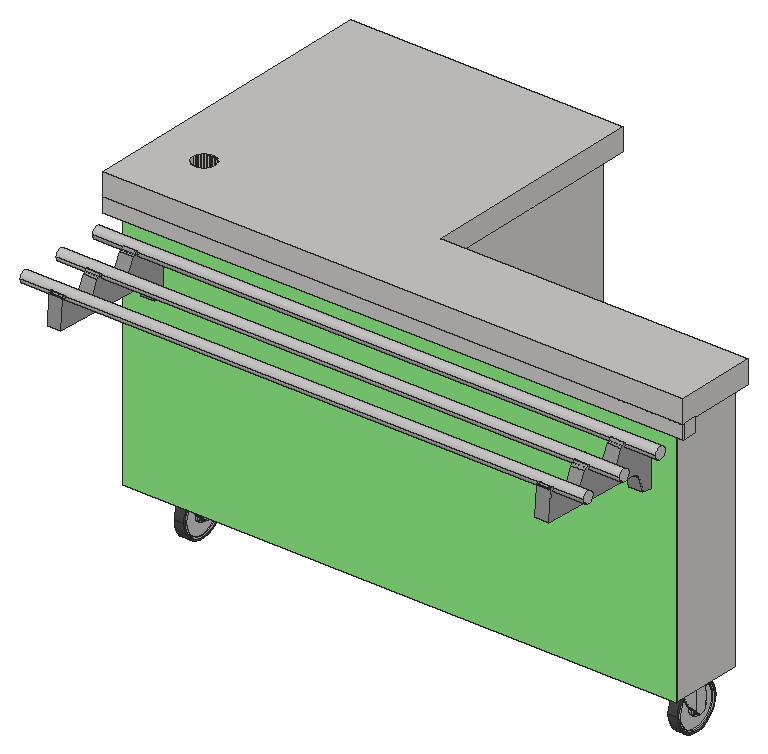
Revit family "QF_BOURGEAT_Self_Meuble_caisse_rampe_droite", category Equipement spécialisé, Revit 2015
Parameters (values of type "meuble_avec_roues")
  URL catalogue = "http://www.bourgeat.fr/fr/"
  URL = ""
  Type de Raccord Electrique = ""
  Type article = ""
  Spécification du Fabricant = "Meuble de caisse rampe à droite OASIS"
  Roues = yes
  Remarques Electricité = ""
  Profondeur hors tout = 820 mm
  Poids net à vide = 115.00 kg
  Pieds = no
  lgmeuble = Longueur hors tout - 68 mm  # 1466 mm
  lgconsole = Longueur hors tout - 44 mm  # 1490 mm
  Nature isolant = "Laine de verre"
  Modèle = "854520+854950"
  Longueur hors tout = 1534 mm
  Hauteur hors tout = 900 mm
  Fabricant = "BOURGEAT"
  Contact SAV = "0033 (0)4.76.32.14.44"
  Charge max = 150.00 kg
  Certification = "NF alimentaire"
Types (2, lengths in mm): name | Roues | Pieds | Modèle
  meuble_avec_pieds | no | yes | "854520"
  meuble_avec_roues | yes | no | "854520+854950"
Reference planes
  plane 1 "Centre (avant/arrière)": y = 0
  plane 2: z = 0
  plane 3 "Centre (gauche/droite)": x = 0
  plane 4: z = 235
  plane 5: z = 465
  plane 6: z = 284
  plane 7: z = 640
Dimensions and locks
  locked: plane 4 to plane 2 at 235
  locked: plane 6 to plane 2 at 284
  locked: plane 7 to plane 2 at 640
  aligned and locked: level to plane 2
  aligned and locked: nested 2 to nested 1  (x3)
  aligned and locked: plane 1 "Centre (avant/arrière)" to nested 1
  aligned and locked: plane 3 "Centre (gauche/droite)" to nested 1
  aligned and locked: nested 3 to nested 1
  aligned and locked: plane 2 to nested 1
  aligned and locked: plane 7 to nested 3
  aligned and locked: nested 3 to nested 2
Nested families
  nested 1: "corps_meuble_rampe_droite" at (0, 0, 160), type "corps_meuble_rampe_droite"
  nested 2: "dessus_rampe_droite" at (-733, 386.5, 808), type "dessus"
  nested 3: "barre_et_console" at (-733, 0, 465) x (-1, 0, 0) z (0, 0, 1), type "barre_et_console"
Connectors
  electrical at (-1326, 130, 147.533)
    settings: on nested 1, index 1, voltage 0 V, apparent load 0 VA, apparent load phase1 0 VA, apparent load phase2 0 VA, apparent load phase3 0 VA, power factor 1, load classification "Autre", number of poles 1, system type 30, power factor state 1, is connector primary yes, connector utility no, sub classification motor no, connector description ""
  electrical at (-1266, 130, 147.533)
    settings: on nested 1, index 2, voltage 0 V, apparent load 0 VA, apparent load phase1 0 VA, apparent load phase2 0 VA, apparent load phase3 0 VA, power factor 1, load classification "Autre", number of poles 1, system type 30, power factor state 1, is connector primary no, connector utility no, sub classification motor no, connector description ""
Definition of nested family "corps_meuble_rampe_droite"
  Parameters (values of type "corps_meuble_rampe_droite")
    roues = yes
    pieds = no
    lg_ouverture_cuve = lg_meuble - 200 mm  # 1266 mm
    lg_meuble = Largeur_hors_tout - 68 mm  # 1466 mm
    Largeur_hors_tout = 1534 mm
  Reference planes
    plane 1 "Centre (avant/arrière)": y = 0
    plane 2: z = 0
    plane 3 "Centre (gauche/droite)": x = 0
    plane 4: z = 680
    plane 5: x = -733
    plane 6: x = -1466
    plane 7: x = -80
    plane 8: y = 192.5
    plane 9: y = 108
    plane 10: x = -1386
    plane 11: x = -816
    plane 12: y = 773
    plane 13: y = 740
    plane 14: x = -896
    plane 15: y = 386.5
    plane 16: y = 130
    plane 17: x = -1326
    plane 18: x = -1266
    plane 19: y = -1
  Forms (mm)
    Extrusion 1, solid
      sketch origin (-1466, 4.186, 0) x (-1, 0, 0) y (0, -1, 0)
        loop
          line (-1466, -188.314) -> (-650, -188.314) -> (-650, -768.814) -> (0, -768.814) -> (0, 4.186) -> (-1466, 4.186) -> (-1466, -188.314)
      from 0 to 680
    Extrusion 2, solid
      sketch origin (0, 0, 0) x (1, 0, 0) y (0, 1, 0)
        loop
          circle (-1326, 130) r 10
        loop
          circle (-1266, 130) r 10
      from 0 to -12.467
    Extrusion 3, solid
      sketch origin (0, 0, 0) x (1, 0, 0) y (0, 0, 1)
        loop
          line (-1466, 680) -> (-1466, 0) -> (0, 0) -> (0, 680) -> (-1466, 680)
      from 0 to 1
  Dimensions and locks
    locked: plane 4 to plane 2 at 680
    "lg_meuble": plane 6 to plane 3 "Centre (gauche/droite)"
    equal spacing: plane 6, plane 5, plane 3 "Centre (gauche/droite)"
    locked: plane 7 to plane 3 "Centre (gauche/droite)" at 80
    locked: plane 1 "Centre (avant/arrière)" to plane 8 at 192.5
    locked: plane 10 to plane 6 at 80
    locked: plane 11 to plane 14 at 80
    equal spacing: plane 12, plane 15, plane 1 "Centre (avant/arrière)"
    locked: plane 12 to plane 1 "Centre (avant/arrière)" at 773
    locked: plane 6 to plane 11 at 650
    locked: plane 1 "Centre (avant/arrière)" to plane 16 at 130
    locked: plane 6 to plane 17 at 140
    locked: plane 6 to plane 18 at 200
    aligned and locked: level to plane 2
    aligned and locked: nested 1 to plane 9
    aligned and locked: plane 11 to Extrusion 1
    aligned and locked: Extrusion 1 to plane 1 "Centre (avant/arrière)"
    aligned and locked: Extrusion 1 to plane 12
    aligned and locked: plane 14 to nested 5
    aligned and locked: plane 13 to nested 5
    aligned and locked: nested 3 to plane 10
    aligned and locked: plane 13 to nested 4
    aligned and locked: nested 4 to plane 10
    aligned and locked: plane 13 to nested 6
    aligned and locked: plane 14 to nested 6
    aligned and locked: plane 13 to nested 7
    aligned and locked: nested 7 to plane 10
    aligned and locked: plane 3 "Centre (gauche/droite)" to Extrusion 1
    aligned and locked: nested 1 to plane 10
    aligned and locked: plane 2 to nested 2
    aligned and locked: plane 2 to nested 8
    aligned and locked: plane 2 to nested 5
    aligned and locked: plane 2 to nested 6
    aligned and locked: plane 2 to nested 4
    aligned and locked: plane 2 to nested 3
    aligned and locked: plane 16 to Extrusion 2 sketch curve  (x2)
    aligned and locked: plane 17 to Extrusion 2 sketch curve
    aligned and locked: plane 18 to Extrusion 2 sketch curve
    aligned and locked: Extrusion 3 sketch curve to Extrusion 1  (x4)
    aligned and locked: plane 19 to Extrusion 3
  Automatic sketch dimensions
    plane 1 "Centre (avant/arrière)" to Extrusion 1 sketch curve = 0 mm
    Extrusion 1 sketch curve to plane 3 "Centre (gauche/droite)" = 0 mm
    Extrusion 1 sketch curve to plane 8 = 0 mm
    Extrusion 1 sketch curve to plane 11 = 0 mm
    Extrusion 1 sketch curve to plane 6 = 0 mm
    Extrusion 1 sketch curve to plane 12 = 0 mm
    radius of Extrusion 2 sketch curve = 10 mm  (x2)
  Nested families
    nested 1: "roue_ht160" at (-1386, 108, -160.21), visible <- "roues", type "roue_ht160"
      with Sans frein yes, Avec frein yes
    nested 2: "pied" at (-80, 108, -160) x (-1, 0, 0) z (0, 0, 1), visible <- "pieds", type "pied"
    nested 3: "pied" at (-1386, 108, -160) x (-1, 0, 0) z (0, 0, 1), visible <- "pieds", type "pied"
    nested 4: "pied" at (-1386, 740, -160) x (-1, 0, 0) z (0, 0, 1), visible <- "pieds", type "pied"
    nested 5: "pied" at (-896, 740, -160) x (-1, 0, 0) z (0, 0, 1), visible <- "pieds", type "pied"
    nested 6: "roue_ht160" at (-896, 740, -160.21) x (-1, 0, 0) z (0, 0, 1), visible <- "roues", type "roue_ht160"
      with Sans frein yes, Avec frein yes
    nested 7: "roue_ht160" at (-1386, 740, -160.21) x (-1, 0, 0) z (0, 0, 1), visible <- "roues", type "roue_ht160"
      with Sans frein yes, Avec frein yes
    nested 8: "roue_ht160" at (-80, 108, -160.21) x (-1, 0, 0) z (0, 0, 1), visible <- "roues", type "roue_ht160"
      with Sans frein yes, Avec frein yes
  Definition of nested family "roue_ht160"
    Parameters (values of type "roue_ht160")
      Sans frein [instance] = yes
      Avec frein [instance] = yes
    Reference planes
      plane 1 "Centre (avant/arrière)": y = 0
      plane 2: z = 0
      plane 3 "Centre (gauche/droite)": x = 0
      plane 4: y = 40.851
      plane 5: z = 62.5
    Forms (mm)
      Extrusion 1, solid
        sketch origin (0, 0, 0) x (0, 1, 0) y (0, 0, 1)
          loop
            circle (40.851, 62.5) r 62.5
          loop
            circle (40.851, 62.5) r 57.5
        from -12.5 to 12.5
      Revolve 2, solid
        sketch origin (0, 0, 0) x (0, 1, 0) y (0, 0, 1)
          loop
            line (0, 160.21) -> (-20.149, 160.21) -> (-20.149, 159.41) -> (-21.6, 159.41)
            arc (-21.6, 159.41) -> (-24.448, 158.65) -> (-26.537, 156.572) r 5.712
            line (-26.537, 156.572) -> (-30.146, 147.743) -> (-26.999, 147.062) -> (-26.999, 146.112)
            arc (-26.999, 146.112) -> (-27.23, 145.314) -> (-27.849, 144.761) r 1.5
            arc (-27.849, 144.761) -> (-29.223, 143.633) -> (-29.923, 142) r 3.75
            line (-29.923, 142) -> (0, 142) -> (0, 160.21)
          axis (0, 160.21) -> (0, 142)
        angle from 0 to 360
      Extrusion 3, solid
        sketch origin (0, 0, 0) x (0, 1, 0) y (0, 0, -1)
          loop
            line (-29.974, -138.241) -> (-29.974, -142) -> (21.747, -142) -> (21.747, -60.336)
            arc (21.747, -60.336) -> (10.272, -70.702) -> (-0.149, -82.127) r 160.057
            arc (-0.149, -82.127) -> (-17.883, -108.684) -> (-29.974, -138.241) r 159.585
        from -24.913 to -23.038
      Extrusion 4, solid
        sketch origin (0, 0, 0) x (0, 1, 0) y (0, 0, 1)
          loop
            line (-29.974, 142) -> (-29.974, 140.869) -> (21.747, 140.869) -> (21.747, 142) -> (-29.974, 142)
        from -23.038 to 23.038
      Extrusion 5, solid
        sketch origin (0, 0, 0) x (0, 1, 0) y (0, 0, 1)
          loop
            circle (40.851, 62.5) r 57.5
          loop
            circle (40.851, 62.5) r 55
        from -12.5 to 12.5
      Extrusion 6, solid
        sketch origin (0, 0, 0) x (0, 1, 0) y (0, 0, 1)
          loop
            circle (40.851, 62.5) r 55
        from -7 to 7
      Extrusion 7, solid
        sketch origin (0, 0, 0) x (0, 1, 0) y (0, 0, 1)
          loop
            circle (40.851, 62.5) r 21
        from 7 to 15
      Extrusion 8, solid
        sketch origin (0, 0, 0) x (0, 1, 0) y (0, 0, -1)
          loop
            circle (40.851, -62.5) r 16
        from -23.038 to -15
      Extrusion 9, solid, visible <- "Sans frein"
        sketch origin (0, 0, 0) x (0, 1, 0) y (0, 0, 1)
          loop
            arc (21.747, 60.336) -> (23.188, 59.17) -> (24.642, 58.02) r 161.23
            arc (24.642, 58.02) -> (29.34, 54.513) -> (34.187, 51.216) r 133.333
            arc (34.187, 51.216) -> (46.517, 50.3) -> (53.927, 60.198) r 12.867
            arc (53.927, 60.198) -> (54.714, 99.183) -> (46.119, 137.216) r 161.222
            arc (46.119, 137.216) -> (45.679, 138.887) -> (45.531, 140.609) r 10.076
            line (45.531, 140.609) -> (45.531, 142) -> (21.747, 142) -> (21.747, 60.336)
        from 23.038 to 24.913
      Extrusion 10, solid, visible <- "Sans frein"
        sketch origin (0, 0, 0) x (0, 1, 0) y (0, 0, 1)
          loop
            line (21.747, 142) -> (21.747, 140.701) -> (48.851, 140.701) -> (48.851, 142) -> (21.747, 142)
        from -23.038 to 23.038
      Extrusion 11, solid, visible <- "Avec frein"
        sketch origin (0, 0, 0) x (0, 1, 0) y (0, 0, 1)
          loop
            line (21.747, 142) -> (21.747, 60.336)
            arc (21.747, 60.336) -> (23.177, 59.179) -> (24.62, 58.038) r 160.008
            arc (24.62, 58.038) -> (29.041, 54.705) -> (33.574, 51.527) r 160
            arc (33.574, 51.527) -> (46.135, 50.422) -> (53.724, 60.491) r 13
            arc (53.724, 60.491) -> (55.279, 82.092) -> (53.902, 103.704) r 160
            arc (53.902, 103.704) -> (55.53, 108.653) -> (60.415, 110.463) r 6
            arc (60.415, 110.463) -> (80.625, 109.924) -> (100.725, 112.107) r 150
            arc (100.725, 112.107) -> (104.408, 113.406) -> (107.479, 115.819) r 12
            line (107.479, 115.819) -> (110.851, 121.523)
            arc (110.851, 121.523) -> (85.913, 134.651) -> (58.706, 142) r 127.902
            line (58.706, 142) -> (21.747, 142)
        from 23.038 to 24.913
      Extrusion 12, solid, visible <- "Avec frein"
        sketch origin (0, 0, 0) x (0, 1, 0) y (0, 0, 1)
          loop
            line (58.706, 142) -> (21.747, 142) -> (21.747, 140) -> (58.552, 140)
            arc (58.552, 140) -> (85.253, 132.762) -> (109.73, 119.866) r 125.902
            line (109.73, 119.866) -> (110.851, 121.523)
            arc (110.851, 121.523) -> (85.913, 134.651) -> (58.706, 142) r 127.902
        from -23.038 to 23.038
      Extrusion 13, solid, visible <- "Avec frein"
        sketch origin (0, 19.896, 18.175) x (0, 1, 0) y (0, 0, 1)
          loop
            line (87.583, 97.644) -> (91.829, 95.227)
            arc (91.829, 95.227) -> (93.8, 95.006) -> (95.312, 96.29) r 2.5
            arc (95.312, 96.29) -> (103.495, 100.002) -> (111.176, 104.666) r 74.999
            line (111.176, 104.666) -> (110.852, 105.929)
            arc (110.852, 105.929) -> (110.04, 107.086) -> (108.666, 107.417) r 2
            arc (108.666, 107.417) -> (101.396, 105.849) -> (94.512, 103.034) r 42.354
            line (94.512, 103.034) -> (93.479, 101.228) -> (93.285, 100.414) -> (91.69, 101.675) -> (90.401, 102.412) -> (87.583, 97.644)
        from -23.038 to 23.038
      Extrusion 14, solid, not visible
        sketch origin (0, 0, 0) x (0, 1, 0) y (0, 0, -1)
          loop
            line (-29.974, -138.241) -> (-29.974, -142) -> (21.747, -142) -> (21.747, -60.336)
            arc (21.747, -60.336) -> (10.272, -70.702) -> (-0.149, -82.127) r 160.057
            arc (-0.149, -82.127) -> (-17.883, -108.684) -> (-29.974, -138.241) r 159.585
        from -24.913 to -23.038
      Extrusion 15, solid, not visible
        sketch origin (0, 0, 0) x (0, 1, 0) y (0, 0, 1)
          loop
            circle (40.851, 62.5) r 21
        from 7 to 15
      Extrusion 16, solid, not visible
        sketch origin (0, 0, 0) x (0, 1, 0) y (0, 0, -1)
          loop
            circle (40.851, -62.5) r 16
        from -23.038 to -15
      Extrusion 17, solid, visible <- "Sans frein", not visible
        sketch origin (0, 0, 0) x (0, 1, 0) y (0, 0, 1)
          loop
            arc (21.747, 60.336) -> (23.188, 59.17) -> (24.642, 58.02) r 161.23
            arc (24.642, 58.02) -> (29.34, 54.513) -> (34.187, 51.216) r 133.333
            arc (34.187, 51.216) -> (46.517, 50.3) -> (53.927, 60.198) r 12.867
            arc (53.927, 60.198) -> (54.714, 99.183) -> (46.119, 137.216) r 161.222
            arc (46.119, 137.216) -> (45.679, 138.887) -> (45.531, 140.609) r 10.076
            line (45.531, 140.609) -> (45.531, 142) -> (21.747, 142) -> (21.747, 60.336)
        from 23.038 to 24.913
      Extrusion 18, solid, visible <- "Avec frein", not visible
        sketch origin (0, 0, 0) x (0, 1, 0) y (0, 0, 1)
          loop
            line (21.747, 142) -> (21.747, 60.336)
            arc (21.747, 60.336) -> (23.177, 59.179) -> (24.62, 58.038) r 160.008
            arc (24.62, 58.038) -> (29.041, 54.705) -> (33.574, 51.527) r 160
            arc (33.574, 51.527) -> (46.135, 50.422) -> (53.724, 60.491) r 13
            arc (53.724, 60.491) -> (55.279, 82.092) -> (53.902, 103.704) r 160
            arc (53.902, 103.704) -> (55.53, 108.653) -> (60.415, 110.463) r 6
            arc (60.415, 110.463) -> (80.625, 109.924) -> (100.725, 112.107) r 150
            arc (100.725, 112.107) -> (104.408, 113.406) -> (107.479, 115.819) r 12
            line (107.479, 115.819) -> (110.851, 121.523)
            arc (110.851, 121.523) -> (85.913, 134.651) -> (58.706, 142) r 127.902
            line (58.706, 142) -> (21.747, 142)
        from 23.038 to 24.913
      Extrusion 19, solid
        sketch origin (0, 0, 0) x (0, -1, 0) y (0, 0, -1)
          loop
            arc (29.974, -138.241) -> (17.883, -108.684) -> (0.149, -82.127) r 159.585
            arc (0.149, -82.127) -> (-10.272, -70.702) -> (-21.747, -60.336) r 160.057
            line (-21.747, -60.336) -> (-21.747, -142) -> (29.974, -142) -> (29.974, -138.241)
        from -24.913 to -23.038
      Extrusion 20, solid
        sketch origin (0, 0, 0) x (0, -1, 0) y (0, 0, 1)
          loop
            circle (-40.851, 62.5) r 21
        from 7 to 15
      Extrusion 21, solid
        sketch origin (0, 0, 0) x (0, -1, 0) y (0, 0, -1)
          loop
            circle (-40.851, -62.5) r 16
        from -23.038 to -15
      Extrusion 22, solid, visible <- "Sans frein"
        sketch origin (0, 0, 0) x (0, -1, 0) y (0, 0, 1)
          loop
            line (-21.747, 60.336) -> (-21.747, 142) -> (-45.531, 142) -> (-45.531, 140.609)
            arc (-45.531, 140.609) -> (-45.679, 138.887) -> (-46.119, 137.216) r 10.076
            arc (-46.119, 137.216) -> (-54.714, 99.183) -> (-53.927, 60.198) r 161.222
            arc (-53.927, 60.198) -> (-46.517, 50.3) -> (-34.187, 51.216) r 12.867
            arc (-34.187, 51.216) -> (-29.34, 54.513) -> (-24.642, 58.02) r 133.333
            arc (-24.642, 58.02) -> (-23.188, 59.17) -> (-21.747, 60.336) r 161.23
        from 23.038 to 24.913
      Extrusion 23, solid, visible <- "Avec frein"
        sketch origin (0, 0, 0) x (0, -1, 0) y (0, 0, 1)
          loop
            line (-21.747, 142) -> (-58.706, 142)
            arc (-58.706, 142) -> (-85.913, 134.651) -> (-110.851, 121.523) r 127.902
            line (-110.851, 121.523) -> (-107.479, 115.819)
            arc (-107.479, 115.819) -> (-104.408, 113.406) -> (-100.725, 112.107) r 12
            arc (-100.725, 112.107) -> (-80.625, 109.924) -> (-60.415, 110.463) r 150
            arc (-60.415, 110.463) -> (-55.53, 108.653) -> (-53.902, 103.704) r 6
            arc (-53.902, 103.704) -> (-55.279, 82.092) -> (-53.724, 60.491) r 160
            arc (-53.724, 60.491) -> (-46.135, 50.422) -> (-33.574, 51.527) r 13
            arc (-33.574, 51.527) -> (-29.041, 54.705) -> (-24.62, 58.038) r 160
            arc (-24.62, 58.038) -> (-23.177, 59.179) -> (-21.747, 60.336) r 160.008
            line (-21.747, 60.336) -> (-21.747, 142)
        from 23.038 to 24.913
    Dimensions and locks
      aligned and locked: level to plane 2
  Definition of nested family "pied"
    Reference planes
      plane 1 "Centre (avant/arrière)": y = 0
      plane 2: z = 0
      plane 3 "Centre (gauche/droite)": x = 0
    Forms (mm)
      Revolve 1, solid
        sketch origin (0, 0, 0) x (1, 0, 0) y (0, 0, 1)
          loop
            line (0, 160) -> (-33, 160) -> (-33, 70) -> (-28, 70) -> (-28, 0) -> (0, 0) -> (0, 160)
          axis (0, 160) -> (0, 0)
        angle from 0 to 360
    Dimensions and locks
      plane 3 "Centre (gauche/droite)" to Revolve 1 sketch curve = 28 mm
      Revolve 1 sketch curve to plane 3 "Centre (gauche/droite)" = 33 mm
      Revolve 1 sketch curve to plane 2 = 70 mm
      Revolve 1 sketch curve to Revolve 1 sketch curve = 90 mm
      aligned and locked: level to plane 2
Definition of nested family "dessus_rampe_droite"
  Parameters (values of type "dessus")
    profondeur_cuve = 30 mm
    lg_dessus = 1534 mm
  Types (2, lengths in mm): name | profondeur_cuve | lg_dessus
    dessus | 30 | 1534
    cuve_90 | 90 | 2184
  Reference planes
    plane 1 "Centre (avant/arrière)": y = 0
    plane 2: z = 0
    plane 3 "Centre (gauche/droite)": x = 0
    plane 4: y = 410
    plane 5: y = -410
    plane 6: x = -767
    plane 7: x = 767
    plane 8: z = 92
    plane 9: y = -193.5
    plane 10: z = 62
    plane 11: z = 32
    plane 12: y = -408
    plane 13: z = 82
    plane 14: z = -4
    plane 15: x = 767
    plane 16: x = -767
    plane 17: y = -193.5
    plane 18: x = -47
    plane 19: y = -408
    plane 20: z = -4
    plane 21: x = 940
    plane 22: x = -632
    plane 23: y = -245
  Forms (mm)
    Extrusion 1, solid
      sketch origin (12, -10, 0) x (1, 0, 0) y (0, 1, 0)
        loop
          line (-779, 420) -> (-779, -400) -> (755, -400) -> (755, 420) -> (-779, 420)
      from 32 to 92
    Extrusion 2, solid
      sketch origin (0, 0, 0) x (1, 0, 0) y (0, 1, 0)
        loop
          line (-767, -408) -> (-767, -410) -> (767, -410) -> (767, -408) -> (-767, -408)
      from -4 to 32
    Extrusion 3, solid
      sketch origin (0, 0, 0) x (0, 1, 0) y (0, 0, 1)
        loop
          line (-408, -4) -> (-370, -4) -> (-370, 32) -> (-408, 32) -> (-408, -4)
      from -767 to 767
    Extrusion 4, solid
      sketch origin (-12, -10, 0) x (-1, 0, 0) y (0, -1, 0)
        loop
          line (-779, -420) -> (755, -420) -> (755, 400) -> (-779, 400) -> (-779, -420)
      from 32 to 92
    Extrusion 5, solid
      sketch origin (0, 0, 0) x (-1, 0, 0) y (0, -1, 0)
        loop
          line (-767, 408) -> (767, 408) -> (767, 410) -> (-767, 410) -> (-767, 408)
      from -4 to 32
    Extrusion 6, solid
      sketch origin (0, 0, 0) x (0, 1, 0) y (0, 0, -1)
        loop
          line (-408, 4) -> (-408, -32) -> (-370, -32) -> (-370, 4) -> (-408, 4)
      from -767 to 767
    Extrusion 7, void
      sketch origin (0, 0, 0) x (-1, 0, 0) y (0, -1, 0)
        loop
          line (47, -686.5) -> (47, 193.5) -> (-940, 193.5) -> (-940, -686.5) -> (47, -686.5)
      from 0 to 250
    Extrusion 8, void
      sketch origin (0, 0, 0) x (1, 0, 0) y (0, 1, 0)
        loop
          circle (-632, -245) r 30
      from 0 to 250
  Cuts and joins
    Extrusion 7, Extrusion 8 cuts Extrusion 1
    Extrusion 7, Extrusion 8 cuts Extrusion 4
  Dimensions and locks
    equal spacing: plane 4, plane 1 "Centre (avant/arrière)", plane 5, locked at 410 each
    plane 4 to plane 5 = 820 mm
    equal spacing: plane 6, plane 3 "Centre (gauche/droite)", plane 7
    "lg_dessus": plane 6 to plane 7
    plane 8 to plane 2 = 92 mm
    plane 5 to plane 9 = 216.5 mm
    locked: plane 8 to plane 11 at 60
    locked: plane 5 to plane 12 at 2
    locked: plane 14 to plane 11 at 36
    "profondeur_cuve": plane 8 to plane 10
    equal spacing: plane 15, plane 3 "Centre (gauche/droite)", plane 16
    "lg_dessus": plane 15 to plane 16
    locked: plane 18 to plane 16 at 720
    locked: plane 15 to plane 21 at 173
    locked: plane 16 to plane 22 at 135
    locked: plane 5 to plane 23 at 165
    aligned and locked: plane 2 to level
    aligned and locked: plane 6 to Extrusion 1 sketch curve
    aligned and locked: Extrusion 1 sketch curve to plane 7
    aligned and locked: plane 8 to Extrusion 1
    aligned and locked: plane 4 to Extrusion 1
    aligned and locked: plane 5 to Extrusion 1
    aligned and locked: Extrusion 2 sketch curve to plane 12
    aligned and locked: plane 6 to Extrusion 2 sketch curve
    aligned and locked: plane 11 to Extrusion 3 sketch curve
    aligned and locked: Extrusion 2 to Extrusion 3 sketch curve
    aligned and locked: plane 14 to Extrusion 3 sketch curve
    aligned and locked: Extrusion 2 to Extrusion 3
    aligned and locked: plane 7 to Extrusion 3
    aligned and locked: Extrusion 3 to plane 6
    aligned and locked: Extrusion 4 sketch curve to plane 15
    aligned and locked: plane 16 to Extrusion 4 sketch curve
    aligned and locked: plane 19 to Extrusion 5 sketch curve
    aligned and locked: Extrusion 5 sketch curve to plane 15
    aligned and locked: Extrusion 5 to Extrusion 6 sketch curve
    aligned and locked: Extrusion 6 sketch curve to plane 20
    aligned and locked: Extrusion 5 to Extrusion 6
    aligned and locked: Extrusion 7 sketch curve to plane 18
    aligned and locked: plane 17 to Extrusion 7 sketch curve
    aligned and locked: Extrusion 6 to plane 16
    aligned and locked: plane 15 to Extrusion 6
    aligned and locked: plane 21 to Extrusion 7 sketch curve
    aligned and locked: plane 23 to Extrusion 8 sketch curve
    aligned and locked: plane 22 to Extrusion 8 sketch curve
  Automatic sketch dimensions
    plane 5 to Extrusion 1 sketch curve = 0 mm
    Extrusion 1 sketch curve to plane 4 = 0 mm
    plane 5 to Extrusion 2 sketch curve = 0 mm
    Extrusion 2 sketch curve to plane 7 = 0 mm
    Extrusion 3 sketch curve to plane 5 = 2 mm
    Extrusion 3 sketch curve to Extrusion 3 sketch curve = 38 mm
    plane 5 to Extrusion 4 sketch curve = 0 mm
    Extrusion 4 sketch curve to plane 4 = 0 mm
    plane 5 to Extrusion 5 sketch curve = 0 mm
    Extrusion 5 sketch curve to plane 6 = 0 mm
    plane 11 to Extrusion 6 sketch curve = 0 mm
    plane 5 to Extrusion 6 sketch curve = 2 mm
    Extrusion 6 sketch curve to Extrusion 6 sketch curve = 38 mm
    Extrusion 7 sketch curve to plane 4 = 276.5 mm
    radius of Extrusion 8 sketch curve = 30 mm
Definition of nested family "barre_et_console"
  Parameters (values of type "barre_et_console")
    lg_ht = 1534 mm
    lg_barre_console = lg_ht - 44 mm  # 1490 mm
  Reference planes
    plane 1 "Centre (avant/arrière)": y = 0
    plane 2: z = 0
    plane 3 "Centre (gauche/droite)": x = 0
    plane 4: x = -745
    plane 5: x = 745
    plane 6: x = -645
    plane 7: x = 645
    plane 8: z = 320.378
    plane 9: z = 175
  Dimensions and locks
    locked: plane 4 to plane 6 at 100
    locked: plane 7 to plane 5 at 100
    equal spacing: plane 4, plane 3 "Centre (gauche/droite)", plane 5
    "lg_barre_console": plane 4 to plane 5
    aligned and locked: level to plane 2
    aligned and locked: nested 1 to plane 1 "Centre (avant/arrière)"
    aligned and locked: plane 6 to nested 1
    aligned and locked: plane 7 to nested 2
    aligned and locked: plane 5 to nested 3
    aligned and locked: nested 3 to plane 4
    aligned and locked: plane 8 to nested 3
    aligned and locked: plane 9 to nested 1
  Nested families
    nested 1: "console" at (-645, 0, 0) x (0, 1, 0) z (0, 0, 1), type "console"
    nested 2: "console" at (645, 0, 0) x (0, 1, 0) z (0, 0, 1), type "console"
    nested 3: "barre" at (745, 0, 19.415) x (0, 1, 0) z (0, 0, 1), type "barre"
  Definition of nested family "console"
    Reference planes
      plane 1 "Centre (avant/arrière)": y = 0
      plane 2: z = 0
      plane 3 "Centre (gauche/droite)": x = 0
      plane 4: y = 18
      plane 5: y = -18
      plane 6: y = 0
    Forms (mm)
      Extrusion 1, solid
        sketch origin (-12.245, 0, 175) x (1, 0, 0) y (0, 0, 1)
          loop
            line (12.245, 100) -> (12.245, 0) -> (39.579, 4.82) -> (50.894, 44.279)
            arc (50.894, 44.279) -> (55.986, 52.254) -> (64.592, 56.187) r 16.714
            line (64.592, 56.187) -> (348.499, 69.146) -> (343.309, 143.358)
            arc (343.309, 143.358) -> (342.973, 144.595) -> (342.189, 145.609) r 3.292
            line (342.189, 145.609) -> (337.923, 148.439)
            arc (337.923, 148.439) -> (337.371, 148.545) -> (336.906, 148.229) r 0.731
            arc (336.906, 148.229) -> (320.176, 130.386) -> (309.012, 152.149) r 14.958
            arc (309.012, 152.149) -> (308.597, 152.587) -> (308.001, 152.491) r 0.646
            line (308.001, 152.491) -> (297.265, 144.401) -> (278.874, 108.385)
            arc (278.874, 108.385) -> (262.102, 99.164) -> (245.329, 108.385) r 19.864
            line (245.329, 108.385) -> (229.634, 139.188) -> (217.945, 148.321)
            arc (217.945, 148.321) -> (217.306, 148.53) -> (216.976, 147.944) r 0.53
            arc (216.976, 147.944) -> (200.124, 130.629) -> (188.973, 152.064) r 14.905
            arc (188.973, 152.064) -> (188.691, 152.524) -> (188.154, 152.476) r 0.511
            line (188.154, 152.476) -> (177.098, 144.144) -> (158.855, 108.341)
            arc (158.855, 108.341) -> (142.039, 98.901) -> (125.223, 108.341) r 19.698
            line (125.223, 108.341) -> (109.334, 139.526) -> (97.932, 148.434)
            arc (97.932, 148.434) -> (97.187, 148.438) -> (96.994, 147.718) r 0.61
            arc (96.994, 147.718) -> (79.923, 130.663) -> (69.024, 152.192) r 14.902
            arc (69.024, 152.192) -> (68.66, 152.548) -> (68.158, 152.464) r 0.563
            line (68.158, 152.464) -> (57.103, 144.336) -> (39.164, 108.745)
            arc (39.164, 108.745) -> (33.443, 102.448) -> (25.295, 100) r 15.908
            line (25.295, 100) -> (12.245, 100)
        from -18 to 18
    Dimensions and locks
      plane 4 to plane 5 = 36 mm
      equal spacing: plane 4, plane 6, plane 5, locked at 18 each
      aligned and locked: level to plane 2
      aligned and locked: plane 4 to Extrusion 1
      aligned and locked: Extrusion 1 to plane 5
      aligned and locked: plane 6 to plane 1 "Centre (avant/arrière)"
      aligned and locked: Extrusion 1 to plane 3 "Centre (gauche/droite)"
    Automatic sketch dimensions
      Extrusion 1 sketch curve to Extrusion 1 sketch curve = 12.714 mm
      Extrusion 1 sketch curve to Extrusion 1 sketch curve = 13.05 mm
      Extrusion 1 sketch curve to Extrusion 1 sketch curve = 14.206 mm
      Extrusion 1 sketch curve to Extrusion 1 sketch curve = 27.334 mm
      Extrusion 1 sketch curve to Extrusion 1 sketch curve = 11.315 mm
      Extrusion 1 sketch curve to Extrusion 1 sketch curve = 17.938 mm
      Extrusion 1 sketch curve to Extrusion 1 sketch curve = 13.698 mm
      Extrusion 1 sketch curve to Extrusion 1 sketch curve = 16.057 mm
      Extrusion 1 sketch curve to Extrusion 1 sketch curve = 11.055 mm
      Extrusion 1 sketch curve to Extrusion 1 sketch curve = 0.333 mm
      Extrusion 1 sketch curve to Extrusion 1 sketch curve = 13.785 mm
      Extrusion 1 sketch curve to Extrusion 1 sketch curve = 15.28 mm
      Extrusion 1 sketch curve to Extrusion 1 sketch curve = 0.376 mm
      Extrusion 1 sketch curve to Extrusion 1 sketch curve = 11.401 mm
      Extrusion 1 sketch curve to Extrusion 1 sketch curve = 15.89 mm
      Extrusion 1 sketch curve to Extrusion 1 sketch curve = 16.816 mm  (x2)
      Extrusion 1 sketch curve to Extrusion 1 sketch curve = 18.243 mm
      Extrusion 1 sketch curve to Extrusion 1 sketch curve = 11.057 mm
      Extrusion 1 sketch curve to Extrusion 1 sketch curve = 0.308 mm
      Extrusion 1 sketch curve to Extrusion 1 sketch curve = 13.831 mm
      Extrusion 1 sketch curve to Extrusion 1 sketch curve = 15.204 mm
      Extrusion 1 sketch curve to Extrusion 1 sketch curve = 0.447 mm
      Extrusion 1 sketch curve to Extrusion 1 sketch curve = 11.69 mm
      Extrusion 1 sketch curve to Extrusion 1 sketch curve = 15.695 mm
      Extrusion 1 sketch curve to Extrusion 1 sketch curve = 16.772 mm  (x2)
      Extrusion 1 sketch curve to Extrusion 1 sketch curve = 18.391 mm
      Extrusion 1 sketch curve to Extrusion 1 sketch curve = 10.737 mm
      Extrusion 1 sketch curve to Extrusion 1 sketch curve = 0.389 mm
      Extrusion 1 sketch curve to Extrusion 1 sketch curve = 13.868 mm
      Extrusion 1 sketch curve to Extrusion 1 sketch curve = 15.261 mm
      Extrusion 1 sketch curve to Extrusion 1 sketch curve = 0.404 mm
      Extrusion 1 sketch curve to Extrusion 1 sketch curve = 2.506 mm
      Extrusion 1 sketch curve to Extrusion 1 sketch curve = 2.164 mm
      Extrusion 1 sketch curve to Extrusion 1 sketch curve = 1.12 mm
      Extrusion 1 sketch curve to Extrusion 1 sketch curve = 5.189 mm
      Extrusion 1 sketch curve to Extrusion 1 sketch curve = 4.639 mm
      Extrusion 1 sketch curve to Extrusion 1 sketch curve = 55.721 mm
      Extrusion 1 sketch curve to Extrusion 1 sketch curve = 8.745 mm
      Extrusion 1 sketch curve to Extrusion 1 sketch curve = 10.259 mm
      Extrusion 1 sketch curve to Extrusion 1 sketch curve = 10.642 mm
      Extrusion 1 sketch curve to Extrusion 1 sketch curve = 9.133 mm
      Extrusion 1 sketch curve to Extrusion 1 sketch curve = 31.185 mm
      Extrusion 1 sketch curve to Extrusion 1 sketch curve = 35.803 mm
      Extrusion 1 sketch curve to Extrusion 1 sketch curve = 35.592 mm
      Extrusion 1 sketch curve to Extrusion 1 sketch curve = 3.24 mm
      Extrusion 1 sketch curve to Extrusion 1 sketch curve = 2.946 mm
      Extrusion 1 sketch curve to Extrusion 1 sketch curve = 1.042 mm
      Extrusion 1 sketch curve to Extrusion 1 sketch curve = 0.609 mm
      Extrusion 1 sketch curve to Extrusion 1 sketch curve = 8.427 mm
      Extrusion 1 sketch curve to Extrusion 1 sketch curve = 0.286 mm
      Extrusion 1 sketch curve to Extrusion 1 sketch curve = 0.481 mm
      Extrusion 1 sketch curve to Extrusion 1 sketch curve = 0.516 mm
      Extrusion 1 sketch curve to Extrusion 1 sketch curve = 7.674 mm
      Extrusion 1 sketch curve to Extrusion 1 sketch curve = 7.924 mm
      Extrusion 1 sketch curve to Extrusion 1 sketch curve = 0.453 mm
      Extrusion 1 sketch curve to Extrusion 1 sketch curve = 0.408 mm
      Extrusion 1 sketch curve to Extrusion 1 sketch curve = 0.533 mm
      Extrusion 1 sketch curve to Extrusion 1 sketch curve = 0.511 mm
      Extrusion 1 sketch curve to Extrusion 1 sketch curve = 0.622 mm
      Extrusion 1 sketch curve to Extrusion 1 sketch curve = 4.82 mm
      Extrusion 1 sketch curve to Extrusion 1 sketch curve = 34.82 mm
      Extrusion 1 sketch curve to Extrusion 1 sketch curve = 76.232 mm
      Extrusion 1 sketch curve to Extrusion 1 sketch curve = 37.038 mm
      Extrusion 1 sketch curve to Extrusion 1 sketch curve = 39.239 mm
      Extrusion 1 sketch curve to Extrusion 1 sketch curve = 30.803 mm
      Extrusion 1 sketch curve to Extrusion 1 sketch curve = 34.743 mm
      Extrusion 1 sketch curve to Extrusion 1 sketch curve = 0.23 mm
      Extrusion 1 sketch curve to Extrusion 1 sketch curve = 36.015 mm
      Extrusion 1 sketch curve to Extrusion 1 sketch curve = 2.071 mm
      Extrusion 1 sketch curve to Extrusion 1 sketch curve = 7.575 mm
      Extrusion 1 sketch curve to plane 3 "Centre (gauche/droite)" = 0 mm
      level to Extrusion 1 sketch curve = 175 mm
  Definition of nested family "barre"
    Parameters (values of type "barre")
      lg_barre = 1490 mm
    Reference planes
      plane 1 "Centre (avant/arrière)": y = 0
      plane 2: z = 0
      plane 3 "Centre (gauche/droite)": x = 0
      plane 4: x = 70
      plane 5: x = 190
      plane 6: x = 309
      plane 7: z = 300.963
      plane 8: z = 94.658
      plane 9: y = 0
      plane 10: y = 1490
    Forms (mm)
      Extrusion 1, solid
        sketch origin (0, 0, 0) x (1, 0, 0) y (0, 0, 1)
          loop
            circle (70, 300.963) r 15
          loop
            circle (190, 300.963) r 15
          loop
            circle (309, 300.963) r 15
        from 0 to -1490
    Dimensions and locks
      plane 4 to plane 3 "Centre (gauche/droite)" = 70 mm
      plane 6 to plane 5 to plane 4 = 119 mm, 120 mm
      "lg_barre": plane 10 to plane 1 "Centre (avant/arrière)"
      aligned and locked: level to plane 2
      aligned and locked: Extrusion 1 to plane 9
      aligned and locked: plane 9 to plane 1 "Centre (avant/arrière)"
      aligned and locked: plane 10 to Extrusion 1
    Automatic sketch dimensions
      Extrusion 1 sketch curve to plane 4 = 0 mm
      Extrusion 1 sketch curve to plane 5 = 0 mm
      Extrusion 1 sketch curve to plane 6 = 0 mm
      Extrusion 1 sketch curve to plane 7 = 0 mm  (x3)
      radius of Extrusion 1 sketch curve = 15 mm  (x3)
